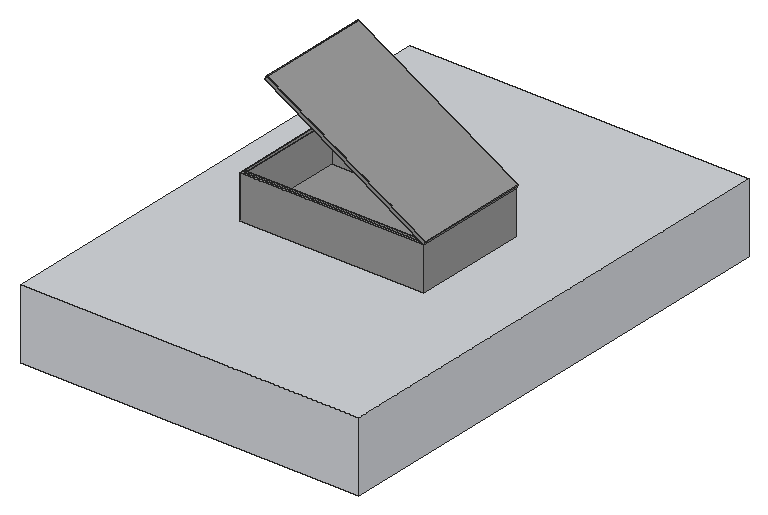
Revit family "Hager-Univers-IP44-D205-H500-Cl.II-Encl-PT-pt", category Equipement électrique, Revit 2020
Family settings
  Hôte = Face
  Configuration du panneau = Deux colonnes, circuits au sein
  Cote de connecteur circulaire = Utiliser le diamètre
  Type d'élément = Tableau de raccordement
  Couper avec des vides une fois chargée = Non
  Partagée = Non
  Point de calcul de pièce = Non
Parameters (values of type "Montagem em superfície (gesso) IP44 L800 A500 P205  - FP33SN2")
  Width Control [instance] = if([EF000008 - Largura] > Min Width, [EF000008 - Largura], Min Width)  # 800 mm
  Commentaires du type = [HG000003 - Gama]  # "Univers"
  Thickness Door [instance] = if([EF009171 - Espessura do material da porta/tampa] > 3 mm, 3 mm, [EF009171 - Espessura do material da porta/tampa])  # 1 mm
  Seal Frame Offset [instance] = 17 mm  # constant formula
  Plinth Visibility [instance] = [HG000027 - Altura da Plinta] > 0 mm  # no
  Model = ""
  Min Width [instance] = 100 mm  # constant formula
  Min Height [instance] = 100 mm  # constant formula
  Min Depth [instance] = (2 * [EF009170 - Espessura do material do invólucro]) + 1 mm  # 3 mm
  Internal Frame Depth [instance] = (Door System Depth * 0.5)  # 9 mm
  Height Control [instance] = if([EF000040 - Altura] > Min Height, [EF000040 - Altura], Min Height)  # 500 mm
  HG000027 - Altura da Plinta = 0 mm
  HG000026 - Instalação no chão = no
  HG000024 - Altura da secção inferior = 800 mm
  HG000023 - Recinto de secção dupla = no
  HG000016 - Visibilidade da porta 3D [instance] = yes
  HG000015 - Visibilidade através da porta [instance] = no
  HG000014 - Porta à direita [instance] = yes
  HG000013 - Porta à esquerda [instance] = not([HG000014 - Porta à direita])  # no
  HG000012 - Ângulo de abertura de porta [instance] = 30.00°
  HG000010 - Portas assimétricas = no
  HG000009 - Porta dupla = no
  HG000006 - Encastrado = no
  HG000004 - Referência do Fabricante = "FP33SN2"
  HG000003 - Gama = "Univers"
  HG000002 - Com porta ou tampa = yes
  Frame Offset Bottom [instance] = 10 mm  # constant formula
  Frame Offset [instance] = 15 mm  # constant formula
  EF015940 - Tampa com libertação de sobrepressão = no
  EF011959 - Grau de proteção (NEMA) = ""
  EF009554 - Número de aberturas para placas de flange = 6
  Fabricant = "Hager"  # constant formula
  EF009212 - Tipo de tampa = "EV000116 - Fechado"
  EF009171 - Espessura do material da porta/tampa = 1 mm
  EF009170 - Espessura do material do invólucro = 1 mm
  EF008873 - Corrente nominal (In) = 250 A
  EF007800 - Adequado para proteção contra raios = no
  EF006306 - Com fecho = no
  EF006244 - Tampa/porta transparente = no
  EF005474 - Grau de proteção (IP) = "EV006418 - IP44"
  EF004464 - Tipo de porta = "EV002646 - Único"
  EF004427 - Número de módulos = 108
  EF004293 - Força de impacto = "EV006815 - IK09"
  EF003532 - Adequado para uso no exterior = no
  EF002950 - Largura em número de módulos = 36
  EF001613 - Integridade do circuito = "EV000494 - Nenhum"
  EF001596 - Material do corpo = "EV000179 - Aço"
  EF001131 - Profundidade interior = 143 mm
  EF001088 - Extensão possível = yes
  EF000437 - Número de entradas de condutores = 6
  EF000339 - Tipo de difusor = "EV001012 - Tampa"
  EF000266 - Número de linhas = 3
  EF000218 - Profundidade incorporada = 205 mm
  EF000118 - Com tampa de montagem = no
  EF000116 - Número RAL = "9010"
  EF000049 - Profundidade = 205 mm
  EF000040 - Altura = 500 mm
  EF000008 - Largura = 800 mm
  EF000007 - Cor = "EV000202 - Branco"
  EF000003 - Método de montagem = "EV000384 - Montagem em superfície (gesso)"
  Door System Leaf Tolerance [instance] = 1.5 mm  # constant formula
  Door System Depth [instance] = 18 mm  # constant formula
  Door Height [instance] = Height Control - [HG000027 - Altura da Plinta]  # 500 mm
  Depth Control [instance] = if([EF000049 - Profundidade] > Min Depth, [EF000049 - Profundidade], Min Depth)  # 205 mm
  Default Elevation = 0 mm
  Connector Offset [instance] = Height Control / 2  # 250 mm
  Bottom Top Plate Trim [instance] = 1.5 mm  # constant formula
  Plinth height Ctrl [instance] = if([HG000027 - Altura da Plinta] > 0 mm, [HG000027 - Altura da Plinta], 12 mm)  # 12 mm
Types (5, lengths in mm): name | Width Control | HG000010 - Portas assimétricas | HG000009 - Porta dupla | HG000004 - Referência do Fabricante | EF009554 - Número de aberturas para placas de flange | EF004464 - Tipo de porta | EF004427 - Número de módulos | EF002950 - Largura em número de módulos | EF000437 - Número de entradas de condutores | EF000008 - Largura
  Montagem em superfície (gesso) IP44 L1050 A500 P205  - FP34SN2 | 1050 | no | yes | "FP34SN2" | 8 | "EV003602 - Duplo" | 144 | 48 | 8 | 1050
  Montagem em superfície (gesso) IP44 L1300 A500 P205  - FP35SN2 | 1300 | yes | yes | "FP35SN2" | 10 | "EV003602 - Duplo" | 180 | 60 | 10 | 1300
  Montagem em superfície (gesso) IP44 L300 A500 P205  - FP31SN2 | 300 | no | no | "FP31SN2" | 2 | "EV002646 - Único" | 36 | 12 | 2 | 300
  Montagem em superfície (gesso) IP44 L550 A500 P205  - FP32SN2 | 550 | no | no | "FP32SN2" | 4 | "EV002646 - Único" | 72 | 24 | 4 | 550
  Montagem em superfície (gesso) IP44 L800 A500 P205  - FP33SN2 | 800 | no | no | "FP33SN2" | 6 | "EV002646 - Único" | 108 | 36 | 6 | 800
Reference planes
  plane 1 "Center (Front/Back)": y = 0
  plane 2: z = 0
  plane 3 "Center (Left/Right)": x = 0
  plane 4: z = 205
  plane 5: y = 1
  plane 6: y = 250
  plane 7: y = 0
  plane 8: y = 500
  plane 9: z = 0
  plane 10: x = -385
  plane 11: x = 385
  plane 12: x = 384
  plane 13: x = -384
  plane 14: y = 499
  plane 15: x = -383
  plane 16: x = -400
  plane 17: x = 383
  plane 18: x = 400
  plane 19: x = 399
  plane 20: x = -399
  plane 21: y = 11
  plane 22: y = 500
  plane 23: y = 484
  plane 24: z = 187
  plane 25: z = 1
  plane 26: z = 186
  plane 27: z = 204
Forms (mm)
  Extrusion 1, solid
    sketch origin (0, 0, 0) x (1, 0, 0) y (0, 1, 0)
      loop
        line (-702.964, 1305) -> (-702.964, -811.445) -> (766.763, -811.445) -> (766.763, 1305) -> (-702.964, 1305)
    from 0 to -304.8
  Extrusion 2, solid, material "Hager_Steel_RAL7035_Light_Grey", visible <- "Plinth Visibility", detail levels medium+fine
    sketch origin (0, 0, 0) x (1, 0, 0) y (0, 1, 0)
      loop
        line (-400, 0) -> (400, 0) -> (400, 12) -> (-400, 12) -> (-400, 0)
    from 0 to 187
  Extrusion 3, solid, material "Hager_Steel_RAL7035_Light_Grey", detail levels medium+fine
    sketch origin (0, 0, 0) x (1, 0, 0) y (0, 1, 0)
      loop
        line (-400, 0) -> (400, 0) -> (400, 500) -> (-400, 500) -> (-400, 0)
    from 0 to 187
  Extrusion 4, void
    sketch origin (0, 0, 0) x (1, 0, 0) y (0, 1, 0)
      loop
        line (-399, 1) -> (399, 1) -> (399, 499) -> (-399, 499) -> (-399, 1)
    from 1 to 186
  Extrusion 5, void
    sketch origin (-381.607, -4572, 187) x (0, -1, 0) y (-1, 0, 0)
      loop
        line (-4583, 2.393) -> (-5056, 2.393) -> (-5056, -765.607) -> (-4583, -765.607) -> (-4583, 2.393)
    from 0 to 1 <- "EF009170 - Espessura do material do invólucro"
  Extrusion 6, solid, material "Hager_Steel_RAL7035_Light_Grey", detail levels fine
    sketch origin (0, 0, 187) x (1, 0, 0) y (0, 1, 0)
      loop
        line (-384, 484) -> (-384, 11) -> (384, 11) -> (384, 484) -> (-384, 484)
      loop
        line (-385, 10) -> (385, 10) -> (385, 485) -> (-385, 485) -> (-385, 10)
    from 0 to 9 <- "Internal Frame Depth"
  Extrusion 7, solid, material "Hager_Steel_RAL7035_Light_Grey", detail levels coarse
    sketch origin (0, 0, 0) x (1, 0, 0) y (0, 1, 0)
      loop
        line (-400, 0) -> (400, 0) -> (400, 500) -> (-400, 500) -> (-400, 0)
    from 0 to 205
  Sweep 8, void
    path in 3D
      loop
        line (-400, 12, 0) -> (400, 12, 0) -> (400, 12, 187) -> (-400, 12, 187) -> (-400, 12, 0)
    profile origin (-400, 12, 93.5) x (-1, 0, 0) y (0, -1, 0)
      loop
        line (0, 0) -> (0, 1.5) -> (-1.5, 1.5)
        arc (-1.5, 1.5) -> (-1.061, 0.439) -> (0, 0) r 1.5
Cuts and joins
  Extrusion 4, Extrusion 5 cuts Extrusion 3
  Sweep 8 cuts Extrusion 2
Lines and regions (mm)
  Masking region 1
    outline origin (0, 0, 0) x (1, 0, 0) y (0, 0, 1)
      loop
        line (-400, 205) -> (-400, 0) -> (400, 0) -> (400, 205) -> (-400, 205)
  Masking region 2, detail levels medium+fine
    outline origin (0, 140, 0) x (0, 1, 0) y (0, 0, 1)
      loop
        line (-140, 0) -> (360, 0) -> (360, 187) -> (-140, 187) -> (-140, 0)
  Masking region 3, not visible, detail levels medium+fine
    outline origin (0, 297.922, 0) x (0, 1, 0) y (0, 0, 1)
      loop
        line (-36.422, 0) -> (3.578, 0) -> (3.578, 194)
        arc (3.578, 194) -> (0.649, 201.071) -> (-6.422, 204) r 10
        line (-6.422, 204) -> (-36.422, 204) -> (-36.422, 0)
  Masking region 4, detail levels coarse
    outline origin (0, 0, 180) x (0, 1, 0) y (0, 0, 1)
      loop
        line (0, -180) -> (500, -180) -> (500, 25) -> (0, 25) -> (0, -180)
  Masking region 5, visible <- "Plinth Visibility", detail levels medium+fine
    outline origin (0, 52.24, 12.345) x (0, 0, -1) y (0, 1, 0)
      loop
        line (10.845, -40.24) -> (-173.155, -40.24)
        arc (-173.155, -40.24) -> (-173.594, -41.301) -> (-174.655, -41.74) r 1.5
        line (-174.655, -41.74) -> (-174.655, -52.24) -> (12.345, -52.24) -> (12.345, -41.74)
        arc (12.345, -41.74) -> (11.285, -41.301) -> (10.845, -40.24) r 1.5
  Masking region 6, detail levels medium+fine
    outline origin (-381.607, -4572, 187) x (-1, 0, 0) y (0, -1, 0)
      loop
        line (18.393, -5072) -> (18.393, -4572) -> (-781.607, -4572) -> (-781.607, -5072) -> (18.393, -5072)
  Masking region 7, visible <- "Plinth Visibility", detail levels medium+fine
    outline origin (-381.607, -4727, 187) x (-1, 0, 0) y (0, -1, 0)
      loop
        arc (16.893, -4739) -> (17.332, -4737.939) -> (18.393, -4737.5) r 1.5
        line (18.393, -4737.5) -> (18.393, -4727) -> (-781.607, -4727) -> (-781.607, -4737.5)
        arc (-781.607, -4737.5) -> (-780.546, -4737.939) -> (-780.107, -4739) r 1.5
        line (-780.107, -4739) -> (16.893, -4739)
  Masking region 8, detail levels coarse
    outline origin (-442.548, -4669.526, 187) x (-1, 0, 0) y (0, -1, 0)
      loop
        line (-42.548, -5169.526) -> (-42.548, -4669.526) -> (-842.548, -4669.526) -> (-842.548, -5169.526) -> (-42.548, -5169.526)
  sketch lines
    curve 1: line (-400, 12, 187) -> (-400, 12, 0)
    curve 2: line (400, 12, 187) -> (-400, 12, 187)
    curve 3: line (400, 12, 187) -> (400, 12, 0)
    curve 4: line (-400, 12, 0) -> (400, 12, 0)
Dimensions and locks
  "Depth Control": plane 4 to Extrusion 1
  "HG000027 - Altura da Plinta": plane 1 "Center (Front/Back)" to plane 7
  "EF009170 - Espessura do material do invólucro": plane 5 to plane 7
  locked: connector elem to plane 3 "Center (Left/Right)"
  equal spacing: plane 8, plane 6, plane 7
  locked: connector elem to plane 6
  "EF009170 - Espessura do material do invólucro": plane 8 to plane 14
  "EF009170 - Espessura do material do invólucro": plane 10 to plane 13
  "EF009170 - Espessura do material do invólucro": plane 12 to plane 11
  "Frame Offset": plane 20 to plane 13
  "Frame Offset": plane 12 to plane 19
  "EF009170 - Espessura do material do invólucro": plane 16 to plane 20
  "EF009170 - Espessura do material do invólucro": plane 19 to plane 18
  "Seal Frame Offset": plane 16 to plane 15
  "Seal Frame Offset": plane 17 to plane 18
  "Frame Offset Bottom": plane 21 to plane 5
  "Frame Offset": plane 14 to plane 23
  equal spacing: plane 16, plane 3 "Center (Left/Right)", plane 18
  "Width Control": plane 16 to plane 18
  "EF009170 - Espessura do material do invólucro": plane 4 to plane 27
  "EF009170 - Espessura do material do invólucro": plane 24 to plane 26
  "EF009170 - Espessura do material do invólucro": plane 25 to level
  "Door System Depth": plane 4 to plane 24
  "Height Control": plane 1 "Center (Front/Back)" to Extrusion 7 sketch curve
  "Height Control": Masking region 4 sketch curve to plane 1 "Center (Front/Back)"
  "Height Control": plane 1 "Center (Front/Back)" to plane 22
  "Bottom Top Plate Trim": profile plane to Sweep 8 sketch curve
  "Bottom Top Plate Trim": Sweep 8 sketch curve to profile plane
  "Plinth height Ctrl": plane 1 "Center (Front/Back)" to Extrusion 2 sketch curve
  "Plinth height Ctrl": Masking region 5 sketch curve to plane 1 "Center (Front/Back)"
  "Plinth height Ctrl": plane 1 "Center (Front/Back)" to Masking region 7 sketch curve
  "Thickness Door": Extrusion 6 sketch curve to Extrusion 6 sketch curve  (x3)
  "Thickness Door": cut or joined group of Extrusion 3, Extrusion 4, Extrusion 5 to Extrusion 6 sketch curve
  radius of Masking region 3 sketch curve = 10 mm
  "Bottom Top Plate Trim": radius of Masking region 5 sketch curve  (x2)
  "Bottom Top Plate Trim": radius of Sweep 8 sketch curve
  "Bottom Top Plate Trim": radius of Masking region 7 sketch curve  (x2)
  aligned and locked: plane 2 to Extrusion 1
  aligned and locked: level to Extrusion 1
  aligned and locked: level to Masking region 1 sketch curve
  aligned and locked: Masking region 1 sketch curve to plane 18
  aligned and locked: Masking region 1 sketch curve to plane 16
  aligned and locked: plane 7 to Masking region 2 sketch curve
  aligned and locked: level to Masking region 3 sketch curve
  aligned and locked: Masking region 3 sketch curve to plane 27
  aligned and locked: level to Masking region 2 sketch curve
  aligned and locked: plane 1 "Center (Front/Back)" to Extrusion 2 sketch curve
  aligned and locked: Extrusion 3 sketch curve to plane 7
  aligned and locked: plane 16 to Extrusion 3 sketch curve
  aligned and locked: plane 18 to Extrusion 3 sketch curve
  aligned and locked: plane 20 to Extrusion 4 sketch curve
  aligned and locked: plane 19 to Extrusion 4 sketch curve
  aligned and locked: Extrusion 4 sketch curve to plane 5
  aligned and locked: Extrusion 4 to plane 25
  aligned and locked: plane 26 to Extrusion 4
  aligned and locked: plane 24 to Extrusion 3
  aligned and locked: Extrusion 5 sketch curve to plane 21
  aligned and locked: Extrusion 5 sketch curve to plane 13
  aligned and locked: Extrusion 5 sketch curve to plane 12
  aligned and locked: plane 18 to Extrusion 7 sketch curve
  aligned and locked: plane 1 "Center (Front/Back)" to Extrusion 7 sketch curve
  aligned and locked: plane 16 to Extrusion 7 sketch curve
  aligned and locked: plane 4 to Extrusion 7
  aligned and locked: Extrusion 7 to level
  aligned and locked: level to Masking region 4 sketch curve
  aligned and locked: Masking region 4 sketch curve to plane 1 "Center (Front/Back)"
  aligned and locked: Masking region 4 sketch curve to plane 4
  aligned and locked: nested 1 to level
  aligned and locked: nested 1 to plane 16
  aligned and locked: plane 8 to Extrusion 3 sketch curve
  aligned and locked: plane 23 to Extrusion 5 sketch curve
  aligned and locked: plane 14 to Extrusion 4 sketch curve
  aligned and locked: Masking region 2 sketch curve to plane 8
  aligned and locked: level to Masking region 5 sketch curve
  aligned and locked: plane 16 to Extrusion 2 sketch curve
  aligned and locked: plane 18 to Extrusion 2 sketch curve
  aligned and locked: Masking region 5 sketch curve to plane 24
  aligned and locked: Masking region 2 sketch curve to plane 24
  aligned and locked: plane 24 to Extrusion 2
  aligned and locked: profile plane to Sweep 8 sketch curve  (x2)
  aligned and locked: Masking region 6 sketch curve to plane 18
  aligned and locked: Masking region 6 sketch curve to plane 22
  aligned and locked: Masking region 6 sketch curve to plane 16
  aligned and locked: plane 8 to plane 22
  aligned and locked: Masking region 6 sketch curve to plane 7
  aligned and locked: Masking region 7 sketch curve to plane 16
  aligned and locked: Masking region 7 sketch curve to plane 1 "Center (Front/Back)"
  aligned and locked: Masking region 7 sketch curve to plane 18
  aligned and locked: Masking region 8 sketch curve to plane 1 "Center (Front/Back)"
  aligned and locked: Masking region 8 sketch curve to plane 18
  aligned and locked: Masking region 8 sketch curve to plane 22
  aligned and locked: Masking region 8 sketch curve to plane 16
  aligned and locked: nested 2 to plane 7
  aligned and locked: plane 3 "Center (Left/Right)" to nested 2
  aligned and locked: nested 2 to plane 24
  aligned and locked: Extrusion 6 sketch curve to cut or joined group of Extrusion 3, Extrusion 4, Extrusion 5  (x4)
Automatic sketch dimensions
  Extrusion 1 sketch curve to Extrusion 1 sketch curve = 1469.727 mm
  Extrusion 1 sketch curve to Extrusion 1 sketch curve = 2116.445 mm
  Masking region 1 sketch curve to plane 4 = 0 mm
  plane 6 to Masking region 3 sketch curve = 11.5 mm
  Masking region 3 sketch curve to Masking region 3 sketch curve = 30 mm
  Masking region 5 sketch curve to plane 1 "Center (Front/Back)" = 0 mm
Nested families
  nested 1: "Hager_Enclosure_Symbol" at (-400, 0, 0) x (1, 0, 0) z (0, -1, 0), Height <- "Depth Control", Width <- "Width Control", type "Hager_Enclosure_Symbol"
    with Width_Ctrl 800 mm, Width 800 mm, Height_Ctrl 205 mm, Height 205 mm, A_Width_Int 13.453 mm, A_Width 161.438 mm, A_Height_Ctrl 179.375 mm, A_Height 179.375 mm
  nested 2: "EC000058_Univers_Door" at (0, 0, 187) x (1, 0, 0) z (0, 1, 0), Leaf_Tolerance <- "Door System Leaf Tolerance", Angle <- "HG000012 - Ângulo de abertura de porta", Door_Depth <- "Door System Depth", Door_Left <- "HG000013 - Porta à esquerda", Transparent <- "EF006244 - Tampa/porta transparente", Assymetrical <- "HG000010 - Portas assimétricas", Width <- "Width Control", Clearance <- "HG000015 - Visibilidade através da porta", Double <- "HG000009 - Porta dupla", 3d_Door <- "HG000016 - Visibilidade da porta 3D", Lock_Visibility <- "EF006306 - Com fecho", Width_Ctrl <- "Width Control", Door_Right <- "HG000014 - Porta à direita", Door <- "HG000002 - Com porta ou tampa", Height <- "Door Height", Thickness <- "Thickness Door", type "EC000058_Univers_Door", detail levels medium+fine
    with min_wh 3 mm, Width_Ctrl 800 mm, Width 800 mm, Transparent no, Thickness 1 mm, Seal_Material Hager_Rubber, Lock_Visibility no, Lock_Material Hager_Plastic_RAL9005_Jet_Black, Leaf_Width 800 mm, Leaf_Tolerance_External_Sides 0 mm, Leaf_Tolerance 1.5 mm, Leaf_Offset 0 mm, Leaf_Height 497 mm, Leaf_2_Width 800 mm, Leaf_2_Offset 400 mm, Leaf_1_Width 800 mm, Leaf_1_Offset 400 mm, Height_Ctrl 500 mm, Height 500 mm, Glass_Material Hager_Glass, Double_Clearance_Ctrl no, Double no, Door_Right_Ctrl yes, Door_Right yes, Door_Material Hager_Steel_RAL7035_Light_Grey, Door_Left_Ctrl no, Door_Left no, Door_Depth 18 mm, Door yes, Clearance_Material Hager_Clearance, Clearance_Depth 800 mm, Clearance_Ctrl no, Clearance no, Assymetrical no, Angle 30.00°, 3d_Door yes
Connectors
  electrical at (0, 250, 0)
    settings: on plane 9, index 1, voltage 0 V, apparent load 0 VA, apparent load phase1 0 VA, apparent load phase2 0 VA, apparent load phase3 0 VA, power factor 1, load classification "Other", number of poles 1, system type 30, power factor state 1, is connector primary yes, connector utility no, sub classification motor no, connector description ""
Definition of nested family "EC000058_Univers_Door"
  Parameters (values of type "EC000058_Univers_Door")
    min_wh [instance] = (2 * Thickness) + 1 mm  # 11 mm
    Width_Ctrl [instance] = 400 mm
    Width [instance] = 500 mm
    Transparent [instance] = yes
    Thickness [instance] = 5 mm
    Seal_Material [instance] = none
    Lock_Visibility [instance] = yes
    Lock_Material [instance] = none
    Leaf_Width [instance] = if((Width_Ctrl - 2 * Leaf_Tolerance_External_Sides) > 0 mm, (Width_Ctrl - 2 * Leaf_Tolerance_External_Sides), min_wh)  # 400 mm
    Leaf_Tolerance_External_Sides [instance] = 0 mm  # constant formula
    Leaf_Tolerance [instance] = 1.5 mm
    Leaf_Offset [instance] = 0 mm  # constant formula
    Leaf_Height [instance] = if((Height_Ctrl - 2 * Leaf_Tolerance) > 0 mm, (Height_Ctrl - 2 * Leaf_Tolerance), min_wh)  # 497 mm
    Leaf_2_Width [instance] = if(and(and(Double, Assymetrical), Door_Left), (Leaf_Width / 3) - (Leaf_Tolerance / 2), if(and(and(Double, Assymetrical), Door_Right), (Leaf_Width / 3) * 2 - (Leaf_Tolerance / 2), if(and(Double, not(Assymetrical)), (Leaf_Width / 2) - Leaf_Tolerance, Leaf_Width)))  # 400 mm
    Leaf_2_Offset [instance] = if(and(Double, Assymetrical), Leaf_2_Width / 2, if(and(Double, not(Assymetrical)), Leaf_Width / 4, Leaf_Width / 2))  # 200 mm
    Leaf_1_Width [instance] = if(and(and(Double, Assymetrical), Door_Right), (Leaf_Width / 3) - (Leaf_Tolerance / 2), if(and(and(Double, Assymetrical), Door_Left), (Width / 3) * 2 - (Leaf_Tolerance / 2), if(and(Double, not(Assymetrical)), (Leaf_Width / 2) - Leaf_Tolerance, Leaf_Width)))  # 400 mm
    Leaf_1_Offset [instance] = if(and(Double, Assymetrical), Leaf_1_Width / 2, if(and(Double, not(Assymetrical)), Leaf_Width / 4, Leaf_Width / 2))  # 200 mm
    Height_Ctrl [instance] = if(Height > min_wh, Height, min_wh)  # 500 mm
    Height [instance] = 500 mm
    Glass_Material [instance] = none
    Double_Clearance_Ctrl [instance] = and(Double, Clearance)  # no
    Double [instance] = no
    Door_Right_Ctrl [instance] = and(or(Door_Right, Double), Door)  # yes
    Door_Right [instance] = yes
    Door_Material [instance] = none
    Door_Left_Ctrl [instance] = and(or(Door_Left, Double), Door)  # no
    Door_Left [instance] = no
    Door_Depth [instance] = 30 mm
    Door [instance] = yes
    Default Elevation = 1219.2 mm
    Clearance_Material [instance] = none
    Clearance_Depth [instance] = if(Leaf_1_Width > Leaf_2_Width, Leaf_1_Width, Leaf_2_Width)  # 400 mm
    Clearance_Ctrl [instance] = and(not(Double), Clearance)  # yes
    Clearance [instance] = yes
    Assymetrical [instance] = yes
    Angle [instance] = 30.00°
    3d_Door [instance] = yes
  Reference planes
    plane 1 "Center (Front/Back)": y = 0
    plane 2 "Bottom": z = 0
    plane 3 "Center (Left/Right)": x = 0
    plane 4: z = 500
    plane 5: x = -200
    plane 6: x = 200
    plane 7: z = 500
    plane 8: x = -200
    plane 9: z = 0
    plane 10: x = 200
    plane 11: y = 0
    plane 12: z = 1.5
    plane 13: x = -600
    plane 14: y = -400
    plane 15: x = 600
    plane 16: x = 0
    plane 17: x = 0
    plane 18: x = -200
    plane 19: x = 200
    plane 20: z = 498.5
  Forms (mm)
    Extrusion 1, solid, material <- "Clearance_Material", visible <- "Double_Clearance_Ctrl"
      sketch origin (1200, 0, 0) x (1, 0, 0) y (0, 0, -1)
        loop
          line (-1800, -498.5) -> (-600, -498.5) -> (-600, 0) -> (-1800, 0) -> (-1800, -498.5)
      from 0 to -400
  Dimensions and locks
    equal spacing: plane 5, plane 3 "Center (Left/Right)", plane 6
    "Width_Ctrl": plane 5 to plane 6
    "Leaf_Offset": plane 5 to plane 8
    "Leaf_Offset": plane 6 to plane 10
    "Leaf_Offset": plane 9 to level
    "Leaf_Offset": plane 4 to plane 7
    "Height_Ctrl": plane 4 to level
    "Leaf_Tolerance": plane 12 to plane 9
    locked: plane 11 to plane 1 "Center (Front/Back)"
    "Leaf_1_Offset": plane 18 to plane 16
    "Leaf_2_Offset": plane 17 to plane 19
    "Leaf_1_Width": plane 13 to plane 8
    "Leaf_2_Width": plane 10 to plane 15
    "Clearance_Depth": plane 14 to plane 1 "Center (Front/Back)"
    "Leaf_Tolerance_External_Sides": plane 8 to plane 18
    "Leaf_Tolerance_External_Sides": plane 19 to plane 10
    "Leaf_Tolerance": plane 7 to plane 20
    aligned and locked: level to plane 2 "Bottom"
    aligned and locked: nested 1 to plane 16
    aligned and locked: nested 2 to plane 17
    aligned and locked: Extrusion 1 to plane 13
    aligned and locked: plane 15 to Extrusion 1
    aligned and locked: Extrusion 1 to plane 14
    aligned and locked: plane 12 to nested 1
    aligned and locked: nested 2 to plane 12
    aligned and locked: Extrusion 1 to plane 11
    aligned and locked: plane 20 to Extrusion 1
    aligned and locked: nested 2 to plane 11
    aligned and locked: nested 1 to plane 11
  Automatic sketch dimensions
    Extrusion 1 sketch curve to level = 0 mm
    plane 5 to Extrusion 1 sketch curve = 400 mm
    plane 6 to Extrusion 1 sketch curve = 400 mm
    Extrusion 1 sketch curve to plane 4 = 1.5 mm
  Nested families
    nested 1: "EC000058_Univers_Door_Leaf" at (0, 0, 1.5), Width <- "Leaf_1_Width", visible <- "Door_Left_Ctrl", Leaf_Height <- "Leaf_Height", Angle <- "Angle", 3d_Door <- "3d_Door", Transparent <- "Transparent", Clearance Material <- "Clearance_Material", Clearance <- "Clearance_Ctrl", Door_Material <- "Door_Material", Glass_Material <- "Glass_Material", Door_Depth <- "Door_Depth", Lock_Material <- "Lock_Material", Seal_Material <- "Seal_Material", Lock_Visibility <- "Lock_Visibility", Thickness <- "Thickness", type "EC000058_Univers_Door_Leaf"
      with Width 400 mm, Transparent_Glass_Offset 30 mm, Transparent_Ctrl yes, Transparent yes, Thickness 5 mm, Standard no, Seal_Material none, Seal_D2 8 mm, Seal_D1 1 mm, Offset_Internal_Frame 10 mm, Lock_Width 20 mm, Lock_Visibility_3d yes, Lock_Visibility yes, Lock_Thickness_3 3 mm, Lock_Thickness_2 1 mm, Lock_Thickness_1 3 mm, Lock_Radius_Offset_2 16 mm, Lock_Radius_Offset_1 15 mm, Lock_Radius_2 5 mm, Lock_Radius 6 mm, Lock_Offset 5 mm, Lock_Material none, Lock_Height 80 mm, Lock_Cover_Top_Offset_2d 17 mm, Lock_Cover_Height -65 mm, Leaf_Height 497 mm, Internal_Seal_Thickness 8 mm, Internal_Seal_Depth_2 4.5 mm, Internal_Frame_Depth 25 mm, Glass_Thickness -1 mm, Glass_Offset -2 mm, Glass_Material none, Door_Material none, Door_Depth 30 mm, Clearance Material none, Clearance yes, Angle_Ctrl 30.00°, Angle 30.00°, 3d_Door yes
    nested 2: "EC000058_Univers_Door_Leaf" at (0, 0, 1.5) x (-1, 0, 0) z (0, 0, 1), Width <- "Leaf_2_Width", visible <- "Door_Right_Ctrl", Leaf_Height <- "Leaf_Height", Angle <- "Angle", 3d_Door <- "3d_Door", Transparent <- "Transparent", Clearance Material <- "Clearance_Material", Clearance <- "Clearance_Ctrl", Door_Material <- "Door_Material", Glass_Material <- "Glass_Material", Door_Depth <- "Door_Depth", Lock_Material <- "Lock_Material", Seal_Material <- "Seal_Material", Lock_Visibility <- "Lock_Visibility", Thickness <- "Thickness", type "EC000058_Univers_Door_Leaf"
      with Width 400 mm, Transparent_Glass_Offset 30 mm, Transparent_Ctrl yes, Transparent yes, Thickness 5 mm, Standard no, Seal_Material none, Seal_D2 8 mm, Seal_D1 1 mm, Offset_Internal_Frame 10 mm, Lock_Width 20 mm, Lock_Visibility_3d yes, Lock_Visibility yes, Lock_Thickness_3 3 mm, Lock_Thickness_2 1 mm, Lock_Thickness_1 3 mm, Lock_Radius_Offset_2 16 mm, Lock_Radius_Offset_1 15 mm, Lock_Radius_2 5 mm, Lock_Radius 6 mm, Lock_Offset 5 mm, Lock_Material none, Lock_Height 80 mm, Lock_Cover_Top_Offset_2d 17 mm, Lock_Cover_Height -65 mm, Leaf_Height 497 mm, Internal_Seal_Thickness 8 mm, Internal_Seal_Depth_2 4.5 mm, Internal_Frame_Depth 25 mm, Glass_Thickness -1 mm, Glass_Offset -2 mm, Glass_Material none, Door_Material none, Door_Depth 30 mm, Clearance Material none, Clearance yes, Angle_Ctrl 30.00°, Angle 30.00°, 3d_Door yes
  Definition of nested family "EC000058_Univers_Door_Leaf"
    Parameters (values of type "EC000058_Univers_Door_Leaf")
      Width [instance] = 2000 mm
      Transparent_Glass_Offset [instance] = 30 mm
      Transparent_Ctrl [instance] = and(Transparent, [3d_Door])  # yes
      Transparent [instance] = yes
      Thickness [instance] = 5 mm
      Standard [instance] = and(not(Transparent), [3d_Door])  # no
      Seal_Material [instance] = none
      Seal_D2 [instance] = 8 mm  # constant formula
      Seal_D1 [instance] = 1 mm  # constant formula
      Offset_Internal_Frame [instance] = 10 mm  # constant formula
      Lock_Width [instance] = 20 mm  # constant formula
      Lock_Visibility_3d [instance] = and(Lock_Visibility, [3d_Door])  # yes
      Lock_Visibility [instance] = yes
      Lock_Thickness_3 [instance] = 3 mm  # constant formula
      Lock_Thickness_2 [instance] = 1 mm  # constant formula
      Lock_Thickness_1 [instance] = 3 mm  # constant formula
      Lock_Radius_Offset_2 [instance] = Lock_Radius_Offset_1 + 1 mm  # 16 mm
      Lock_Radius_Offset_1 [instance] = 15 mm  # constant formula
      Lock_Radius_2 [instance] = Lock_Radius - 1 mm  # 5 mm
      Lock_Radius [instance] = 6 mm  # constant formula
      Lock_Offset [instance] = 5 mm  # constant formula
      Lock_Material [instance] = none
      Lock_Height [instance] = 80 mm  # constant formula
      Lock_Cover_Top_Offset_2d [instance] = Lock_Radius_Offset_2 + 1 mm  # 17 mm
      Lock_Cover_Height [instance] = -(Lock_Height - Lock_Radius_Offset_1)  # -65 mm
      Leaf_Height [instance] = 2720.336 mm
      Internal_Seal_Thickness [instance] = 8 mm  # constant formula
      Internal_Seal_Depth_2 [instance] = 4.5 mm  # constant formula
      Internal_Frame_Depth [instance] = if(Door_Depth - Thickness > 5 mm, Door_Depth - Thickness, 5 mm)  # 25 mm
      Glass_Thickness [instance] = if(Thickness > 15 mm, Glass_Offset + 10 mm, -1 mm)  # -1 mm
      Glass_Offset [instance] = if(Thickness > 15 mm, -(Thickness + 10 mm) / 2, -2 mm)  # -2 mm
      Glass_Material [instance] = none
      Door_Material [instance] = none
      Door_Depth [instance] = 30 mm
      Default Elevation = 0 mm
      Clearance Material [instance] = none
      Clearance [instance] = yes
      Angle_Ctrl [instance] = if(Angle > 180.00°, 180.00°, Angle)  # 90.00°
      Angle [instance] = 90.00°
      3d_Door [instance] = yes
    Reference planes
      plane 1 "Center (Front/Back)": y = 0
      plane 2: z = 0
      plane 3 "Center (Left/Right)": x = 0
      plane 4: y = 2000
      plane 5: x = -1000
      plane 6: x = 1000
      plane 7: x = -3000
      plane 8: z = 2720.336
      plane 9: z = 30
      plane 10: z = 2690.336
      plane 11: x = 970
      plane 12: x = -970
      plane 13: y = -3
      plane 14: z = 107.833
      plane 15: y = -5
      plane 16: y = -223.314
      plane 17: x = -1000
      plane 18: z = 1360.168
      plane 19: y = 30
    Forms (mm)
      Extrusion 1, solid, material <- "Clearance Material", visible <- "Clearance"
        sketch origin (0, 0, 0) x (1, 0, 0) y (0, 0, 1)
          loop
            line (-3000, 2720.336) -> (-3000, 0) -> (1000, 0) -> (1000, 2720.336) -> (-3000, 2720.336)
        from 0 to -2000
      Extrusion 2, solid, material <- "Door_Material", visible <- "Standard", detail levels medium+fine
        sketch origin (-1000, 0, 0) x (0, 1, 0) y (-1, 0, 0)
          loop
            line (0, 30) -> (0, 25) -> (2000, 25) -> (2000, 30) -> (0, 30)
        from 0 to 2720.336 <- "Leaf_Height"
      Extrusion 3, solid, material <- "Door_Material", visible <- "Transparent_Ctrl", detail levels medium+fine
        sketch origin (-1000, 0, 0) x (0, 1, 0) y (-1, 0, 0)
          loop
            line (0, 25) -> (2000, 25) -> (2000, 30) -> (0, 30) -> (0, 25)
        from 0 to 2720.336 <- "Leaf_Height"
      Extrusion 4, void
        sketch origin (-1025, 2000, 0) x (0, 1, 0) y (0, 0, -1)
          loop
            line (-30, -2690.336) -> (-30, -30) -> (-1970, -30) -> (-1970, -2690.336) -> (-30, -2690.336)
        from 0 to 5 <- "Thickness"
      Sweep 5, solid, material <- "Seal_Material", visible <- "Transparent_Ctrl", detail levels fine
        path in 3D
          loop
            line (-1025, 30, 30) -> (-1025, 30, 2690.336) -> (-1025, 1970, 2690.336) -> (-1025, 1970, 30) -> (-1025, 30, 30)
        profile origin (-1025, 1000, 30) x (1, 0, 0) y (0, 0, 1)
          loop
            line (0, 0) -> (0, -8) -> (1, -8) -> (1, 0) -> (0, 0)
      Extrusion 6, solid, material <- "Glass_Material", visible <- "Transparent_Ctrl", detail levels medium+fine
        sketch origin (-1030, 0, 0) x (0, 1, 0) y (0, 0, -1)
          loop
            line (1970, -2690.336) -> (1970, -30) -> (30, -30) -> (30, -2690.336) -> (1970, -2690.336)
        from -2 <- "Glass_Offset" to -1 <- "Glass_Thickness"
      Extrusion 7, solid, material <- "Door_Material", visible <- "3d_Door", detail levels medium+fine
        sketch origin (-1025, 2000, 0) x (0, -1, 0) y (0, 0, -1)
          loop
            line (0, -2720.336) -> (2000, -2720.336) -> (2000, 0) -> (0, 0) -> (0, -2720.336)
          loop
            line (1995, -5) -> (5, -5) -> (5, -2715.336) -> (1995, -2715.336) -> (1995, -5)
        from 0 to 25 <- "Internal_Frame_Depth"
      Sweep 8, solid, material <- "Seal_Material", visible <- "Transparent_Ctrl", detail levels fine
        path in 3D
          loop
            line (-1025, 0, 0) -> (-1025, 2000, 0) -> (-1025, 2000, 2720.336) -> (-1025, 0, 2720.336) -> (-1025, 0, 0)
        profile origin (-1025, 0, 1360.168) x (1, 0, 0) y (0, 1, 0)
          loop
            line (0, 10) -> (2.975, 10)
            arc (2.975, 10) -> (4.053, 10.447) -> (4.5, 11.525) r 1.525
            line (4.5, 11.525) -> (4.5, 16.527)
            arc (4.5, 16.527) -> (4.069, 17.569) -> (3.027, 18) r 1.473
            line (3.027, 18) -> (0, 18) -> (0, 10)
      Extrusion 9, solid, material <- "Lock_Material", visible <- "Lock_Visibility_3d", detail levels fine
        sketch origin (-1030, 0, 0) x (0, 1, 0) y (0, 0, -1)
          loop
            arc (1993.5, -1400.168) -> (1994.561, -1399.729) -> (1995, -1398.668) r 1.5
            line (1995, -1398.668) -> (1995, -1320.168) -> (1975, -1320.168) -> (1975, -1398.668)
            arc (1975, -1398.668) -> (1975.439, -1399.729) -> (1976.5, -1400.168) r 1.5
            line (1976.5, -1400.168) -> (1993.5, -1400.168)
        from 3 <- "Lock_Thickness_1" to 0
      Blend 10, solid, material <- "Lock_Material", visible <- "Lock_Visibility_3d", detail levels fine
        base sketch origin (-1033, 0, 0) x (0, 1, 0) y (0, 0, -1)
          loop
            line (1975, -1320.168) -> (1975, -1398.668)
            arc (1975, -1398.668) -> (1975.439, -1399.729) -> (1976.5, -1400.168) r 1.5
            line (1976.5, -1400.168) -> (1993.5, -1400.168)
            arc (1993.5, -1400.168) -> (1994.561, -1399.729) -> (1995, -1398.668) r 1.5
            line (1995, -1398.668) -> (1995, -1320.168) -> (1975, -1320.168)
        top sketch origin (-1033, 0, 0) x (0, 1, 0) y (0, 0, -1)
          loop
            line (1976, -1320.168) -> (1976, -1398.668)
            arc (1976, -1398.668) -> (1976.146, -1399.022) -> (1976.5, -1399.168) r 0.5
            line (1976.5, -1399.168) -> (1993.5, -1399.168)
            arc (1993.5, -1399.168) -> (1993.854, -1399.022) -> (1994, -1398.668) r 0.5
            line (1994, -1398.668) -> (1994, -1320.168) -> (1976, -1320.168)
        from 0 to 1 <- "Lock_Thickness_2"
      Blend 11, solid, material <- "Lock_Material", visible <- "Lock_Visibility_3d", detail levels fine
        base sketch origin (-1034, 0, 0) x (0, 1, 0) y (0, 0, -1)
          loop
            line (1978, -1320.168) -> (1978, -1384.168)
            arc (1978, -1384.168) -> (1985, -1391.168) -> (1992, -1384.168) r 7
            line (1992, -1384.168) -> (1992, -1320.168) -> (1978, -1320.168)
        top sketch origin (-1034, 0, 0) x (0, 1, 0) y (0, 0, -1)
          loop
            line (1991, -1320.168) -> (1979, -1320.168) -> (1979, -1383.168)
            arc (1979, -1383.168) -> (1985, -1389.168) -> (1991, -1383.168) r 6
            line (1991, -1383.168) -> (1991, -1320.168)
        from 0 to 3 <- "Lock_Thickness_3"
      Extrusion 12, solid, material <- "Lock_Material", visible <- "Lock_Visibility_3d", detail levels fine
        sketch origin (-1030, 1975, 1320.168) x (1, 0, 0) y (0, -1, 0)
          loop
            line (-7, -19) -> (-7, -1) -> (0, -1) -> (0, 0) -> (-8, 0) -> (-8, -20) -> (0, -20) -> (0, -19) -> (-7, -19)
        from 0 to -65 <- "Lock_Cover_Height"
      Extrusion 13, void
        sketch origin (-1038, 1995, 1320.168) x (-1, 0, 0) y (0, 0, -1)
          loop
            line (-5, -65) -> (0, -65) -> (-5, -60) -> (-5, -65)
        from 0 to 20 <- "Lock_Width"
      Extrusion 14, void
        sketch origin (-1038, 1975, 1320.168) x (0, -1, 0) y (0, 0, -1)
          loop
            circle (-10, -15.995) r 6
          loop
            circle (-10, -15.995) r 5
        from 0 to 2
      Extrusion 15, solid, material <- "Lock_Material", visible <- "Lock_Visibility_3d", detail levels medium
        sketch origin (-1030, 0, 0) x (0, 1, 0) y (0, 0, -1)
          loop
            arc (1993.5, -1400.168) -> (1994.561, -1399.729) -> (1995, -1398.668) r 1.5
            line (1995, -1398.668) -> (1995, -1320.168) -> (1975, -1320.168) -> (1975, -1398.668)
            arc (1975, -1398.668) -> (1975.439, -1399.729) -> (1976.5, -1400.168) r 1.5
            line (1976.5, -1400.168) -> (1993.5, -1400.168)
        from 8 to 0
    Cuts and joins
      Extrusion 4 cuts Extrusion 3
      Extrusion 13, Extrusion 14 cuts Extrusion 9
      Extrusion 14 cuts Blend 11
      Extrusion 13, Extrusion 14 cuts Extrusion 12
      joined: Extrusion 9, Blend 10, Blend 11, Extrusion 12
      Extrusion 14 cuts Extrusion 15
    Lines and regions (mm)
      Masking region 1, visible <- "Lock_Visibility", detail levels fine
        outline origin (0, 0, 0) x (0, 1, 0) y (0, 0, 1)
          loop
            line (30, 1320.168) -> (33, 1320.168) -> (33, 1400.168) -> (30, 1400.168) -> (30, 1320.168)
      Masking region 2, visible <- "Lock_Visibility", detail levels fine
        outline origin (0, 3.143, 0) x (0, 1, 0) y (0, 0, 1)
          loop
            line (29.857, 1354.168) -> (30.857, 1354.168) -> (30.857, 1366.168) -> (29.857, 1366.168) -> (29.857, 1354.168)
      Masking region 3, detail levels medium+fine
        outline origin (0, 0, 0) x (0, 1, 0) y (0, 0, 1)
          loop
            line (0, 0) -> (30, 0) -> (30, 2720.336) -> (0, 2720.336) -> (0, 0)
      Masking region 4, detail levels medium+fine
        outline origin (0, 0, 0) x (1, 0, 0) y (0, 0, 1)
          loop
            line (-1000, 2720.336) -> (-1000, 0) -> (1000, 0) -> (1000, 2720.336) -> (-1000, 2720.336)
      Masking region 5, visible <- "Lock_Visibility", detail levels fine
        outline origin (-47.116, 0, 0) x (1, 0, 0) y (0, 0, 1)
          loop
            arc (1024.616, 1399.168) -> (1023.556, 1398.729) -> (1023.116, 1397.668) r 1.5
            line (1023.116, 1397.668) -> (1023.116, 1320.168) -> (1041.116, 1320.168) -> (1041.116, 1397.668)
            arc (1041.116, 1397.668) -> (1040.677, 1398.729) -> (1039.616, 1399.168) r 1.5
            line (1039.616, 1399.168) -> (1024.616, 1399.168)
      Masking region 6, visible <- "Lock_Visibility", detail levels medium+fine
        outline origin (-25, 0, 0) x (1, 0, 0) y (0, 0, 1)
          loop
            arc (1001.5, 1400.168) -> (1000.439, 1399.729) -> (1000, 1398.668) r 1.5
            line (1000, 1398.668) -> (1000, 1320.168) -> (1020, 1320.168) -> (1020, 1398.668)
            arc (1020, 1398.668) -> (1019.561, 1399.729) -> (1018.5, 1400.168) r 1.5
            line (1018.5, 1400.168) -> (1001.5, 1400.168)
      Masking region 7, visible <- "Lock_Visibility", detail levels fine
        outline origin (-73.735, 0, 0) x (1, 0, 0) y (0, 0, 1)
          loop
            line (1051.735, 1382.168) -> (1065.735, 1382.168) -> (1065.735, 1384.168)
            arc (1065.735, 1384.168) -> (1058.735, 1391.168) -> (1051.735, 1384.168) r 7
            line (1051.735, 1384.168) -> (1051.735, 1382.168)
      Masking region 8, visible <- "Lock_Visibility", detail levels fine
        outline origin (-73.735, 0, 0) x (1, 0, 0) y (0, 0, 1)
          loop
            line (1052.735, 1382.168) -> (1064.735, 1382.168) -> (1064.735, 1383.168)
            arc (1064.735, 1383.168) -> (1058.735, 1389.168) -> (1052.735, 1383.168) r 6
            line (1052.735, 1383.168) -> (1052.735, 1382.168)
      Masking region 9, visible <- "Lock_Visibility", detail levels fine
        outline origin (-25, 0, 0) x (1, 0, 0) y (0, 0, 1)
          loop
            line (1020, 1320.168) -> (1020, 1382.168) -> (1000, 1382.168) -> (1000, 1320.168) -> (1020, 1320.168)
      Masking region 10, detail levels medium+fine
        outline origin (0, 0, 0) x (1, 0, 0) y (0, 0, 1)
          loop
            circle (985, 1335.144) r 6
      Masking region 11, detail levels fine
        outline origin (0, 0, 0) x (1, 0, 0) y (0, 0, 1)
          loop
            circle (985, 1335.144) r 5
      Masking region 12, visible <- "Lock_Visibility", detail levels fine
        outline origin (0, 12.767, 0) x (0, 1, 0) y (0, 0, 1)
          loop
            line (20.233, 1320.168) -> (21.233, 1320.168) -> (21.233, 1399.168) -> (20.233, 1400.168) -> (20.233, 1320.168)
      Masking region 13, visible <- "Lock_Visibility", detail levels fine
        outline origin (0, 13.767, -10) x (0, 1, 0) y (0, 0, 1)
          loop
            line (20.233, 1330.168) -> (23.233, 1330.168) -> (23.233, 1399.168) -> (20.233, 1402.168) -> (20.233, 1330.168)
      Masking region 14, visible <- "Lock_Visibility", detail levels fine
        outline origin (0, 12.767, -10) x (0, 1, 0) y (0, 0, 1)
          loop
            line (20.233, 1330.168) -> (25.233, 1330.168) -> (25.233, 1399.305) -> (20.233, 1394.305) -> (20.233, 1330.168)
      Masking region 15, visible <- "Lock_Visibility", detail levels medium
        outline origin (0, 0, 0) x (0, 1, 0) y (0, 0, 1)
          loop
            line (30, 1320.168) -> (38, 1320.168) -> (38, 1400.168) -> (30, 1400.168) -> (30, 1320.168)
      Masking region 16, visible <- "Lock_Visibility", detail levels fine
        outline origin (-1000, 0, 0) x (0, 1, 0) y (-1, 0, 0)
          loop
            line (1975, 30) -> (1995, 30) -> (1995, 38) -> (1975, 38) -> (1975, 30)
          loop
            line (1979, 37) -> (1976, 37) -> (1976, 34) -> (1978, 34) -> (1979, 37)
          loop
            line (1994, 37) -> (1991, 37) -> (1992, 34) -> (1994, 34) -> (1994, 37)
      Masking region 17, visible <- "Lock_Visibility", detail levels medium
        outline origin (-1000, 0, 0) x (0, 1, 0) y (-1, 0, 0)
          loop
            line (1975, 30) -> (1995, 30) -> (1995, 38) -> (1975, 38) -> (1975, 30)
      symbolic lines
        curve 1: line (1000, 0, 0) -> (-3000, 0, 0)
        curve 2: arc (1000, 0, 0) -> (-1000, 2000, 0) -> (-3000, 0, 0) r 2000
        curve 4: line (-1030, 0, 0) -> (-1030, 2000, 0)
      reference lines
        curve 3: line (-1000, 0, 0) -> (-1000, 2000, 0)
      symbolic lines, detail levels medium+fine
        curve 5: line (-1030, 2000, 0) -> (-1025, 2000, 0)
        curve 7: line (-1025, 0, 0) -> (-1030, 0, 0)
        curve 8: line (-1025, 0, 0) -> (-1000, 0, 0)
        curve 9: line (-1000, 0, 0) -> (-1000, 2000, 0)
        curve 10: line (-1000, 2000, 0) -> (-1025, 2000, 0)
      symbolic lines, detail levels fine
        curve 6: line (-1025, 2000, 0) -> (-1025, 0, 0)
      sketch lines
        curve 11: line (-1025, 0, 2720.336) -> (-1025, 0, 0)
        curve 12: line (-1025, 2000, 0) -> (-1025, 0, 0)
        curve 13: line (-1025, 2000, 2720.336) -> (-1025, 2000, 0)
        curve 14: line (-1025, 0, 2720.336) -> (-1025, 2000, 2720.336)
        curve 15: line (-1025, 1970, 30) -> (-1025, 30, 30)
        curve 16: line (-1025, 30, 30) -> (-1025, 30, 2690.336)
        curve 17: line (-1025, 1970, 2690.336) -> (-1025, 1970, 30)
        curve 18: line (-1025, 30, 2690.336) -> (-1025, 1970, 2690.336)
      symbolic lines, visible <- "Transparent", detail levels medium+fine
        curve 19: line (-970, 0, 2690.336) -> (970, 0, 2690.336)
        curve 20: line (-970, 0, 30) -> (-970, 0, 2690.336)
        curve 21: line (970, 0, 30) -> (-970, 0, 30)
        curve 22: line (970, 0, 2690.336) -> (970, 0, 30)
    Dimensions and locks
      "Width": plane 1 "Center (Front/Back)" to plane 4
      equal spacing: plane 5, plane 3 "Center (Left/Right)", plane 6
      "Width": plane 5 to plane 6
      "Width": plane 7 to plane 5
      "Leaf_Height": plane 8 to level
      "Width": curve 5 to curve 3
      "Width": curve 3 to curve 3
      plane 8 to plane 10 = 30 mm
      plane 9 to level = 30 mm
      plane 12 to plane 5 = 30 mm
      plane 6 to plane 11 = 30 mm
      Extrusion 1 to Extrusion 4 sketch curve = 30 mm
      "Transparent_Glass_Offset": curve 3 to Extrusion 4 sketch curve
      "Transparent_Glass_Offset": Extrusion 4 sketch curve to cut or joined group of Extrusion 3, Extrusion 4  (x2)
      cut or joined group of Extrusion 3, Extrusion 4 to Extrusion 6 sketch curve = 30 mm
      "Transparent_Glass_Offset": cut or joined group of Extrusion 3, Extrusion 4 to Extrusion 4 sketch curve
      "Thickness": curve 6 to curve 4
      "Thickness": Extrusion 7 sketch curve to Extrusion 7 sketch curve  (x4)
      "Door_Depth": curve 4 to curve 3
      "Offset_Internal_Frame": profile plane to Sweep 8 sketch curve
      "Internal_Seal_Thickness": Sweep 8 sketch curve to Sweep 8 sketch curve
      "Internal_Seal_Depth_2": profile plane to Sweep 8 sketch curve
      "Seal_D1": profile plane to Sweep 5 sketch curve
      "Seal_D2": profile plane to Sweep 5 sketch curve
      "Thickness": Extrusion 2 sketch curve to Extrusion 2 sketch curve
      equal spacing: Extrusion 9 sketch curve, plane 18, Extrusion 9 sketch curve  (x2)
      equal spacing: Masking region 1 sketch curve, plane 18, Masking region 1 sketch curve
      "Lock_Height": Masking region 1 sketch curve to Masking region 1 sketch curve
      "Lock_Radius": Masking region 2 sketch curve to plane 18 to Masking region 2 sketch curve
      Masking region 2 sketch curve to Masking region 1 = 1 mm
      "Door_Depth": plane 19 to plane 1 "Center (Front/Back)"
      "Lock_Thickness_1": Masking region 1 sketch curve to plane 19
      "Lock_Width": Extrusion 9 sketch curve to Extrusion 9 sketch curve
      "Lock_Height": Extrusion 9 sketch curve to Extrusion 9 sketch curve
      "Lock_Offset": cut or joined group of Extrusion 3, Extrusion 4 to Extrusion 9 sketch curve
      equal spacing: plane 8, plane 18, level
      "Lock_Radius_Offset_1": Blend 11 sketch curve to Blend 10
      locked: Blend 10 to Blend 11 sketch curve at 2  (x2)
      locked: var sketch to Blend 11 sketch curve at 1  (x2)
      "Lock_Radius_Offset_2": Blend 11 sketch curve to Blend 10
      locked: Extrusion 12 sketch curve to Extrusion 12 sketch curve at 1  (x3)
      Masking region 6 sketch curve to Masking region 6 sketch curve = 80 mm
      "Lock_Height": Masking region 6 sketch curve to Masking region 6 sketch curve
      "Lock_Width": Masking region 6 sketch curve to Masking region 6 sketch curve
      locked: Masking region 6 to Masking region 5 sketch curve at 1  (x3)
      locked: Masking region 5 to Masking region 7 sketch curve at 2  (x2)
      "Lock_Radius_Offset_1": Masking region 5 to Masking region 7 sketch curve
      "Lock_Radius_Offset_2": Masking region 5 to Masking region 8 sketch curve
      locked: Masking region 7 to Masking region 8 sketch curve at 1  (x2)
      "Lock_Cover_Top_Offset_2d": Masking region 5 to Masking region 9 sketch curve
      equal spacing: Masking region 9, Masking region 10 sketch curve, Masking region 9
      equal spacing: Masking region 9, Masking region 11 sketch curve, Masking region 9
      Extrusion 15 sketch curve to Extrusion 15 sketch curve = 80 mm
      "Lock_Width": Extrusion 15 sketch curve to Extrusion 15 sketch curve
      "Lock_Height": Extrusion 15 sketch curve to Extrusion 15 sketch curve
      equal spacing: Extrusion 15 sketch curve, plane 18, Extrusion 15 sketch curve
      "Lock_Thickness_3": Masking region 13 sketch curve to Masking region 13 sketch curve
      "Lock_Height": Masking region 12 sketch curve to Masking region 12 sketch curve
      locked: Masking region 13 sketch curve to Masking region 1 at 8
      locked: Masking region 14 sketch curve to Masking region 13 at 1
      locked: Masking region 14 sketch curve to Masking region 1 at 10.863
      "Lock_Height": Masking region 15 sketch curve to Masking region 15 sketch curve
      "Lock_Offset": Extrusion 15 sketch curve to cut or joined group of Extrusion 3, Extrusion 4
      "Lock_Offset": plane 6 to Masking region 6 sketch curve
      radius of Sweep 8 sketch curve = 1.525 mm
      radius of Sweep 8 sketch curve = 1.473 mm
      radius of Extrusion 9 sketch curve = 1.5 mm  (x2)
      "Lock_Radius": radius of Extrusion 14 sketch curve
      "Lock_Radius_2": radius of Extrusion 14 sketch curve
      "Lock_Radius": radius of Masking region 10 sketch curve
      "Lock_Radius_2": radius of Masking region 11 sketch curve
      radius of Extrusion 15 sketch curve = 1.5 mm  (x2)
      "Angle_Ctrl": angle plane 1 "Center (Front/Back)" to curve 3
      locked: Masking region 12 sketch curve to Masking region 12 sketch curve (angle 45.00°)
      locked: Masking region 13 sketch curve to Masking region 13 sketch curve (angle 45.00°)
      locked: Masking region 14 sketch curve to Masking region 14 sketch curve (angle 45.00°)
      aligned and locked: level to plane 2
      aligned and locked: Extrusion 1 to curve 1
      aligned and locked: plane 6 to Extrusion 1
      aligned and locked: Extrusion 1 to plane 1 "Center (Front/Back)"
      aligned and locked: plane 4 to Extrusion 1
      aligned and locked: plane 8 to Extrusion 1
      aligned and locked: curve 7 to Extrusion 2 sketch curve
      aligned and locked: curve 5 to Extrusion 2 sketch curve
      aligned and locked: curve 7 to Extrusion 3 sketch curve
      aligned and locked: Extrusion 3 sketch curve to curve 4
      aligned and locked: Extrusion 3 sketch curve to curve 6
      aligned and locked: Extrusion 3 sketch curve to curve 5
      aligned and locked: curve 9 to curve 3
      aligned and locked: Extrusion 7 sketch curve to cut or joined group of Extrusion 3, Extrusion 4  (x4)
      aligned and locked: plane 17 to curve 3
      aligned and locked: plane 1 "Center (Front/Back)" to curve 3
      aligned and locked: plane 17 to plane 5
      aligned and locked: Sweep 8 sketch curve to profile plane
      aligned and locked: Sweep 5 sketch curve to profile plane  (x2)
      aligned and locked: Masking region 1 to Masking region 2 sketch curve
      aligned and locked: plane 19 to Masking region 1 sketch curve
      aligned and locked: plane 1 "Center (Front/Back)" to Masking region 3 sketch curve
      aligned and locked: plane 19 to Masking region 3 sketch curve
      aligned and locked: level to Masking region 3 sketch curve
      aligned and locked: Masking region 3 sketch curve to plane 8
      aligned and locked: plane 17 to Masking region 4 sketch curve
      aligned and locked: level to Masking region 4 sketch curve
      aligned and locked: Masking region 4 sketch curve to plane 8
      aligned and locked: plane 12 to curve 20
      aligned and locked: plane 10 to curve 19
      aligned and locked: plane 11 to curve 22
      aligned and locked: curve 21 to plane 9
      aligned and locked: Extrusion 2 sketch curve to cut or joined group of Extrusion 3, Extrusion 4
      aligned and locked: Blend 10 sketch curve to Extrusion 9  (x4)
      aligned and locked: Extrusion 9 to Blend 10 sketch curve
      aligned and locked: Blend 10 to Blend 11 sketch curve
      aligned and locked: Extrusion 12 sketch curve to Blend 11
      aligned and locked: Extrusion 12 sketch curve to Extrusion 9  (x4)
      aligned and locked: Masking region 5 sketch curve to Masking region 6
      aligned and locked: Masking region 9 sketch curve to Masking region 6  (x3)
      aligned and locked: Masking region 12 sketch curve to Masking region 1
      aligned and locked: Masking region 13 sketch curve to Masking region 1
      aligned and locked: Masking region 12 to Masking region 14
      aligned and locked: Masking region 14 sketch curve to Masking region 1
      aligned and locked: Masking region 15 sketch curve to Masking region 14
      aligned and locked: Masking region 13 sketch curve to Masking region 12
      aligned and locked: Masking region 16 sketch curve to cut or joined group of Extrusion 14, Extrusion 15  (x4)
      aligned and locked: Masking region 16 sketch curve to cut or joined group of Extrusion 9, Blend 10, Blend 11, Extrusion 12, Extrusion 13, Extrusion 14  (x6)
      aligned and locked: cut or joined group of Extrusion 9, Blend 10, Blend 11, Extrusion 12, Extrusion 13, Extrusion 14 to Masking region 16 sketch curve
      aligned and locked: Masking region 17 sketch curve to cut or joined group of Extrusion 14, Extrusion 15  (x3)
      aligned and locked: Masking region 17 sketch curve to cut or joined group of Extrusion 9, Blend 10, Blend 11, Extrusion 12, Extrusion 13, Extrusion 14
      aligned and locked: Masking region 9 to Masking region 8 sketch curve
      aligned and locked: Masking region 9 to Masking region 7 sketch curve
    Automatic sketch dimensions
      plane 1 "Center (Front/Back)" to curve 2 = 0 mm
      curve 2 to plane 5 = 0 mm
      Extrusion 1 sketch curve to level = 0 mm
      Extrusion 1 sketch curve to plane 7 = 0 mm
      Extrusion 1 sketch curve to plane 6 = 0 mm
      Extrusion 1 sketch curve to plane 8 = 0 mm
      Extrusion 3 to Extrusion 6 sketch curve = 30 mm  (x4)
      Masking region 4 sketch curve to plane 6 = 0 mm
      Blend 10 sketch curve to Extrusion 9 = 1.5 mm
      Blend 10 sketch curve to Extrusion 9 = 1 mm
      Extrusion 13 sketch curve to Extrusion 12 = 0 mm  (x2)
      Extrusion 12 to Extrusion 13 sketch curve = 3 mm
      Extrusion 13 sketch curve to Extrusion 12 = 5 mm
      Extrusion 14 sketch curve to Extrusion 14 sketch curve = 0 mm  (x2)
      Extrusion 14 sketch curve to Extrusion 12 = 10 mm
      Extrusion 14 sketch curve to Extrusion 12 = 15.995 mm
      Masking region 5 sketch curve to Masking region 5 sketch curve = 1.5 mm  (x2)
      Masking region 10 sketch curve to plane 18 = 25.024 mm
      Masking region 11 sketch curve to plane 18 = 25.024 mm
      plane 19 to Masking region 14 sketch curve = 3 mm
      Masking region 16 sketch curve to Masking region 16 sketch curve = 3 mm
      curve 4 to curve 3 = 0 mm
      Blend 10 to Blend 11 sketch curve = 0 mm
      Masking region 6 sketch curve to Masking region 6 sketch curve = 1.5 mm  (x2)
      Masking region 6 sketch curve to plane 18 = 40 mm
      plane 19 to Masking region 12 sketch curve = 3 mm
      Masking region 12 sketch curve to Masking region 12 sketch curve = 1 mm
      Masking region 15 sketch curve to plane 19 = 0 mm
      Masking region 15 sketch curve to plane 18 = 40 mm
      radius of Blend 10 sketch curve to Extrusion 9 = 1 mm
Definition of nested family "Hager_Enclosure_Symbol"
  Parameters (values of type "Hager_Enclosure_Symbol")
    Width_Ctrl [instance] = if(Width > 1 mm, Width, 1 mm)  # 102.27 mm
    Width [instance] = 102.27 mm
    Height_Ctrl [instance] = if(Height > 1 mm, Height, 1 mm)  # 66.5 mm
    A_Width_Int [instance] = if(A_Width / 12 > 2 mm, A_Width / 12, 2 mm)  # 4.364 mm
    A_Width [instance] = if(A_Height_Ctrl * 0.9 > 2 mm, A_Height_Ctrl * 0.9, 2 mm)  # 52.369 mm
    A_Height_Ctrl [instance] = if(A_Height > 2 mm, A_Height, 2 mm)  # 58.188 mm
    Height [instance] = 66.5 mm
    A_Height [instance] = Height - (Height / 8)  # 58.188 mm
  Reference planes
    plane 1 "Centre (avant/arrière)": y = 0
    plane 2: z = 0
    plane 3 "Centre (gauche/droite)": x = 0
    plane 4: x = 52.369
    plane 5: y = 33.042
    plane 6: y = 41.77
    plane 7: y = 66.5
    plane 8: x = 26.184
    plane 9: y = 37.406
    plane 10: x = 102.27
    plane 11: y = 66.5
    plane 12: y = 8.313
  Lines and regions (mm)
    Filled region 1, type "Solid_Black", in view "Niveau de réf."
      outline origin (0, 0, 0) x (1, 0, 0) y (0, 1, 0)
        loop
          line (52.369, 66.5) -> (33.188, 54.536) -> (45.365, 45.006) -> (52.369, 66.5)
    Filled region 2, type "Solid_Black", in view "Niveau de réf."
      outline origin (0, 0, 0) x (1, 0, 0) y (0, 1, 0)
        loop
          line (0, 0) -> (102.27, 0) -> (102.27, 66.5) -> (0, 0)
    detail lines, in view "Niveau de réf."
      curve 1: line (0, 8.313, 0) -> (26.184, 41.77, 0)
      curve 2: line (26.184, 41.77, 0) -> (26.184, 33.042, 0)
      curve 3: line (26.184, 33.042, 0) -> (52.369, 66.5, 0)
  Dimensions and locks
    "A_Width": plane 3 "Centre (gauche/droite)" to plane 4
    equal spacing: plane 3 "Centre (gauche/droite)", plane 8, plane 4
    equal spacing: plane 6, plane 9, plane 5
    equal spacing: curve 3, Filled region 1 sketch curve, Filled region 1 sketch curve
    "Height_Ctrl": plane 1 "Centre (avant/arrière)" to plane 11
    "A_Height_Ctrl": plane 11 to plane 12
    equal spacing: plane 11, plane 9, plane 12
    "A_Width_Int": plane 6 to plane 9
    "Width_Ctrl": plane 3 "Centre (gauche/droite)" to plane 10
    angle Filled region 1 sketch curve to curve 3 = 20.00°
    angle curve 3 to Filled region 1 sketch curve = 20.00°
    locked: curve 3 to Filled region 1 sketch curve (angle 90.00°)
    aligned and locked: plane 10 to Filled region 2
    aligned and locked: plane 11 to Filled region 2 sketch curve
    aligned and locked: plane 10 to Filled region 2 sketch curve
    aligned and locked: plane 3 "Centre (gauche/droite)" to curve 1
    aligned and locked: plane 12 to curve 1
    aligned and locked: plane 7 to plane 11
  Automatic sketch dimensions
    Filled region 1 sketch curve to plane 4 = 0 mm
    Filled region 1 sketch curve to plane 7 = 0 mm
    plane 1 "Centre (avant/arrière)" to Filled region 2 sketch curve = 0 mm
    Filled region 2 sketch curve to plane 3 "Centre (gauche/droite)" = 0 mm
    curve 2 to plane 6 = 0 mm
    curve 2 to plane 8 = 0 mm
    curve 3 to plane 4 = 0 mm
    curve 2 to plane 5 = 0 mm
    curve 3 to plane 7 = 0 mm
